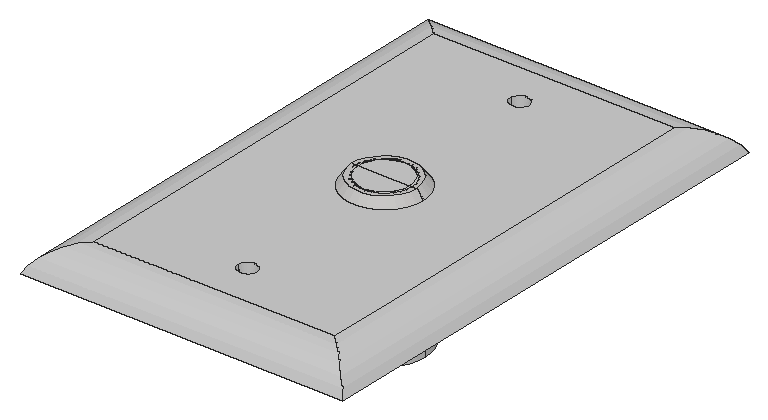
Revit family "LVS", category Communication Devices, host Face, Revit 2021
Family settings
  Host = Face
  Maintain Annotation Orientation = No
  Round Connector Dimension = Use Diameter
  Part Type = Normal
  OmniClass Number = 23.85.80.11.27
  OmniClass Title = Lighting Controls
  Cut with Voids When Loaded = No
  Shared = Yes
  Room Calculation Point = No
Parameters (values of type "LVS")
  Width = 3.15"
  Warranty = "5-Years Warranty"  # constant formula
  Type Comments = "Low Voltage Emergency Remote Test Button"  # constant formula
  Steel = Metal-Hubbell-Galvanized_Steel
  Product Page URL = "https://www.hubbell.com/hubbellcontrolsolutions/en/Products/Lighting-Controls/Lighting-Controls-Sensors/Emergency-Lighting-Controls/Low-Voltage-Emergency-Remote-Test-Button/p/8751893"
  Product Documentation Link = "https://hubbellcdn.com/specsheet/6007A_ERTB_SPEC.pdf"
  URL = "https://www.hubbell.com/hubbellcontrolsolutions/en"
  Model = "LVS"  # constant formula
  Manufacturer = "Hubbell Control Solutions"  # constant formula
  Height = 4.94"
  Feartures = "Attractive Flush mount design\r\n• Stainless Steel Latching button\r\n• Optional illuminated pilot button\r\n• Low Voltage 24VDC\r\n• Wall plate factory labeled\r\n• Compatible for use with select HCS Emergency controls:\r\nALCR1277 and NXRC-UL924-UNV*"  # constant formula
  Environmental Conditions = "• Rated for Indoor Use Only\r\n• Operating Temperature: -4° to 131°F\r\n(-20° to 55°C)\r\n• Relative humidity (non-condensing):0 to 95%"  # constant formula
  Description = "Low Voltage Emergency Remote Test Button"  # constant formula
  Default Elevation = 48.00"
  Copyright = "Copyright © 2021 Hubbell Control Solutions"  # constant formula
  Contact Us = "https://www.hubbell.com/hubbellcontrolsolutions/en/contactUs"
  Housing Material = Paint - Hubbell - Light Silver
  Assembly Code = "D5090"
Reference planes (in)
  plane 1 "Center (Front/Back)": y = 11.68155
  plane 2: z = 0
  plane 3 "Center (Left/Right)": x = 0
  plane 4: z = 3.72
  plane 5: x = -1.575
  plane 6: x = 1.575
  plane 7: y = 14.15155
  plane 8: y = 9.21155
  plane 9: y = 13.32155
  plane 10: y = 10.04155
Forms (in)
  Extrusion 1, solid, material "Paint - Hubbell - Light Silver" <- "Housing Material"
    sketch origin (0, 0, 0) x (1, 0, 0) y (0, 1, 0)
      loop
        line (-1.575, 14.15155) -> (-1.575, 9.21155) -> (1.575, 9.21155) -> (1.575, 14.15155) -> (-1.575, 14.15155)
    from 0 to 0.25
  Revolve 2, solid, material "Paint - Hubbell - Light Silver" <- "Housing Material"
    sketch origin (0, 11.68155, 0.05469) x (1, 0, 0) y (0, 0, 1)
      loop
        line (0, -1.17109) -> (0.4, -1.17109) -> (0.4, 0.10863)
        arc (0.4, 0.10863) -> (0.39592, 0.13175) -> (0.38419, 0.15208) r 0.0676
        line (0.38419, 0.15208) -> (0.30091, 0.25132)
        arc (0.30091, 0.25132) -> (0.27889, 0.26822) -> (0.2518, 0.27422) r 0.06411
        line (0.2518, 0.27422) -> (0, 0.27422) -> (0, -1.17109)
      axis (0, 0.27422) -> (0, -1.17109)
    angle from 0 to 360
  Blend 3, void
    base sketch origin (0, -0.40625, 0) x (1, 0, 0) y (0, 1, 0)
      loop
        circle (0, 13.74226) r 0.09361
    top sketch origin (0, -0.40625, 0) x (1, 0, 0) y (0, 1, 0)
      loop
        circle (0, 13.74226) r 0.07
    from 0.25 to 0
  Blend 4, void
    base sketch origin (0, 23.76038, 0) x (1, 0, 0) y (0, 1, 0)
      loop
        circle (0, -13.74226) r 0.09361
    top sketch origin (0, 23.76038, 0) x (1, 0, 0) y (0, 1, 0)
      loop
        circle (0, -13.74226) r 0.07
    from 0.25 to 0
  Sweep 5, void
    path origin (0, 0, 0) x (1, 0, 0) y (0, 1, 0)
      loop
        line (-1.575, 14.15155) -> (-1.575, 9.21155) -> (1.575, 9.21155) -> (1.575, 14.15155) -> (-1.575, 14.15155)
    profile origin (0, 14.15155, 0) x (0, 1, 0) y (0, 0, 1)
      loop
        line (0, 0.25) -> (-0.4, 0.25)
        arc (-0.4, 0.25) -> (-0.16415, 0.18236) -> (0, 0) r 0.445
        line (0, 0) -> (0, 0.25)
  Revolve 6, solid, material "Metal-Hubbell-Galvanized_Steel" <- "Steel"
    sketch origin (0, 11.68155, 0) x (1, 0, 0) y (0, 0, 1)
      loop
        line (0.29872, 0.30858) -> (0.39195, 0.19748) -> (0.42271, 0.19748) -> (0.31279, 0.32848) -> (0.25604, 0.32848)
        arc (0.25604, 0.32848) -> (0.27959, 0.32326) -> (0.29872, 0.30858) r 0.05572
      axis (0, 0.32848) -> (0, 0.19748)
    angle from 0 to 360
Cuts and joins
  Blend 3, Blend 4, Sweep 5 cuts Extrusion 1
Dimensions and locks (in)
  plane 4 to plane 2 = 3.72"
  "Width": plane 5 to plane 6
  "Height": plane 8 to plane 7
  equal spacing: plane 5, plane 3 "Center (Left/Right)", plane 6
  equal spacing: plane 8, plane 1 "Center (Front/Back)", plane 7
  aligned and locked: plane 2 to host face
  aligned and locked: level to host face
Automatic sketch dimensions
  host sketch curve to host sketch curve = 96.00"  (x2)
  plane 8 to Extrusion 1 sketch curve = 0.00"
  Extrusion 1 sketch curve to plane 6 = 0.00"
  Blend 3 sketch curve to plane 3 "Center (Left/Right)" = 0.00"  (x2)
  plane 7 to Blend 3 sketch curve = 0.81554"  (x2)
  Blend 4 sketch curve to plane 3 "Center (Left/Right)" = 0.00"  (x2)
  plane 8 to Blend 4 sketch curve = 0.80656"  (x2)
  Revolve 2 sketch curve to plane 3 "Center (Left/Right)" = 0.00"  (x2)
  plane 3 "Center (Left/Right)" to Revolve 2 sketch curve = 0.2518"
  Revolve 2 sketch curve to Revolve 2 sketch curve = 0.04911"
  Revolve 2 sketch curve to Revolve 2 sketch curve = 0.08061"
  level to Revolve 2 sketch curve = 0.20676"
  Revolve 2 sketch curve to Revolve 2 sketch curve = 0.05178"
  plane 3 "Center (Left/Right)" to Revolve 2 sketch curve = 0.40"
  Revolve 2 sketch curve to level = 1.1164"
  Revolve 2 sketch curve to Revolve 2 sketch curve = 0.10149"
  Revolve 2 sketch curve to Revolve 2 sketch curve = 0.04121"
  Revolve 2 sketch curve to Revolve 2 sketch curve = 0.00"
  Revolve 2 sketch curve to Revolve 2 sketch curve = 1.55469"
  plane 7 to Extrusion 1 sketch curve = 0.00"
  Extrusion 1 sketch curve to plane 5 = 0.00"
  Sweep 5 sketch curve to plane 5 = 0.00"
  Sweep 5 sketch curve to plane 6 = 0.00"
  plane 8 to Sweep 5 sketch curve = 0.00"
  plane 7 to Sweep 5 sketch curve = 0.00"
  Sweep 5 sketch curve to profile plane = 0.00"
  Sweep 5 sketch curve to level = 0.00"
  Sweep 5 sketch curve to level = 0.195"
  level to Sweep 5 sketch curve = 0.25"
  Revolve 6 sketch curve to plane 3 "Center (Left/Right)" = 0.00"
  plane 3 "Center (Left/Right)" to Revolve 6 sketch curve = 0.25604"
  level to Revolve 6 sketch curve = 0.19748"
  Revolve 6 sketch curve to Revolve 6 sketch curve = 0.03076"
  Revolve 6 sketch curve to Revolve 6 sketch curve = 0.07529"
  Revolve 6 sketch curve to Revolve 6 sketch curve = 0.04268"
  Revolve 6 sketch curve to Revolve 6 sketch curve = 0.01406"
  Revolve 6 sketch curve to level = 24.00"
  Revolve 6 sketch curve to Revolve 6 sketch curve = 0.0199"
  Revolve 6 sketch curve to plane 4 = 51.80668"
  Revolve 6 sketch curve to Revolve 6 sketch curve = 0.09323"
  radius of Blend 3 sketch curve = 0.09361"
  radius of Blend 3 sketch curve = 0.07"
  radius of Blend 4 sketch curve = 0.09361"
  radius of Blend 4 sketch curve = 0.07"
Connectors (in)
  electrical at (0, 11.68155, 0.25)
    settings: on cut or joined group of Extrusion 1, Blend 3, Blend 4, Sweep 5, index 1, voltage 0 V, apparent load 0 VA, apparent load phase1 0 VA, apparent load phase2 0 VA, apparent load phase3 0 VA, power factor 1, load classification "Other", number of poles 1, system type 14, power factor state 1, is connector primary yes, connector utility no, sub classification motor no, connector description "Key"
